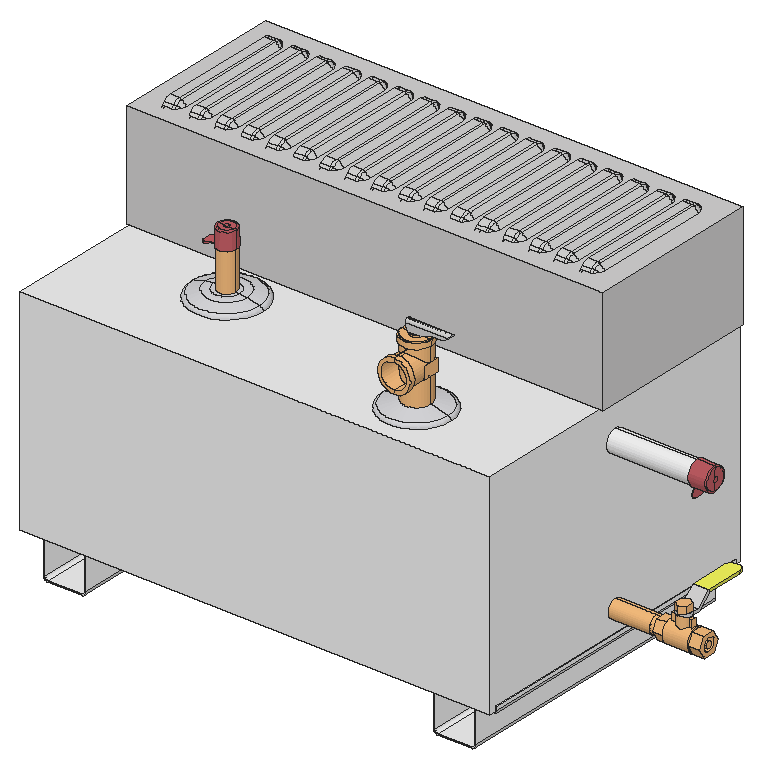
Revit family "Shower-Steam_Generator-KOHLER-Invigoration_Series-K-32335", category Plumbing Fixtures, host Face, Revit 2021 (continued)
Definition of nested family "K-32335"
  Lines and regions (in)
    Masking region 2
      outline origin (0, 0, 0) x (1, 0, 0) y (0, 0, 1)
        loop
          line (-8.96806, 4.8215) -> (-8.84613, 4.94343) -> (-8.84613, 5.37969) -> (-9.04298, 5.37969) -> (-9.04298, 5.68322)
          arc (-9.04298, 5.68322) -> (-9.02345, 5.78138) -> (-8.96785, 5.8646) r 0.25651
          line (-8.96785, 5.8646) -> (-8.84591, 5.98653) -> (-8.84591, 6.42279) -> (-9.04276, 6.42279) -> (-9.04276, 6.72632)
          arc (-9.04276, 6.72632) -> (-9.02324, 6.82448) -> (-8.96764, 6.90769) r 0.25651
          line (-8.96764, 6.90769) -> (-8.8457, 7.02963) -> (-8.8457, 7.46589) -> (-9.04255, 7.46589) -> (-9.04255, 7.76941)
          arc (-9.04255, 7.76941) -> (-9.02303, 7.86758) -> (-8.96742, 7.95079) r 0.25651
          line (-8.96742, 7.95079) -> (-8.84549, 8.07273) -> (-8.84549, 8.46199)
          arc (-8.84549, 8.46199) -> (-8.85054, 8.49091) -> (-8.85927, 8.51894) r 0.22767
          line (-8.85927, 8.51894) -> (-8.89475, 8.61134)
          arc (-8.89475, 8.61134) -> (-8.90291, 8.64358) -> (-8.90566, 8.67672) r 0.20122
          line (-8.90566, 8.67672) -> (-8.90566, 9.03915) -> (-8.90566, 9.33683) -> (-8.86622, 9.33683) -> (-8.86622, 9.48819)
          arc (-8.86622, 9.48819) -> (-8.84316, 9.54387) -> (-8.78748, 9.56693) r 0.07874
          arc (-8.78748, 9.56693) -> (-8.84316, 9.58999) -> (-8.86622, 9.64567) r 0.07874
          line (-8.86622, 9.64567) -> (-8.86622, 12.79703) -> (-8.90551, 12.79703) -> (-8.90551, 12.69562) -> (-8.9685, 12.69562) -> (-8.9685, 12.79013) -> (-9.22256, 12.79013) -> (-9.22256, 12.94788) -> (-8.9685, 12.94788) -> (-8.9685, 13.47515)
          arc (-8.9685, 13.47515) -> (-8.95005, 13.51969) -> (-8.90551, 13.53937) r 0.06299
          line (-8.90551, 13.53937) -> (-8.1811, 13.53937) -> (-8.1811, 13.73509) -> (-7.83239, 13.73509)
          arc (-7.83239, 13.73509) -> (-7.78719, 13.7261) -> (-7.74887, 13.7005) r 0.11811
          line (-7.74887, 13.7005) -> (-7.58775, 13.53937) -> (-7.19291, 13.53937) -> (-7.19291, 13.73509) -> (-6.8442, 13.73509)
          arc (-6.8442, 13.73509) -> (-6.799, 13.7261) -> (-6.76068, 13.7005) r 0.11811
          line (-6.76068, 13.7005) -> (-6.59956, 13.53937) -> (-6.21088, 13.53937) -> (-6.21088, 13.73509) -> (-5.86216, 13.73509)
          arc (-5.86216, 13.73509) -> (-5.81697, 13.7261) -> (-5.77865, 13.7005) r 0.11811
          line (-5.77865, 13.7005) -> (-5.61752, 13.53937) -> (-5.22576, 13.53937) -> (-5.22576, 13.73509) -> (-4.87705, 13.73509)
          arc (-4.87705, 13.73509) -> (-4.83185, 13.7261) -> (-4.79353, 13.7005) r 0.11811
          line (-4.79353, 13.7005) -> (-4.63241, 13.53937) -> (-4.24373, 13.53937) -> (-4.24373, 13.73509) -> (-3.89501, 13.73509)
          arc (-3.89501, 13.73509) -> (-3.84981, 13.7261) -> (-3.8115, 13.7005) r 0.11811
          line (-3.8115, 13.7005) -> (-3.65037, 13.53937) -> (-3.25554, 13.53937) -> (-3.25554, 13.73509) -> (-2.90682, 13.73509)
          arc (-2.90682, 13.73509) -> (-2.86163, 13.7261) -> (-2.82331, 13.7005) r 0.11811
          line (-2.82331, 13.7005) -> (-2.66218, 13.53937) -> (-2.27196, 13.53937) -> (-2.27196, 13.73509) -> (-1.92325, 13.73509)
          arc (-1.92325, 13.73509) -> (-1.87805, 13.7261) -> (-1.83973, 13.7005) r 0.11811
          line (-1.83973, 13.7005) -> (-1.6786, 13.53937) -> (-1.2849, 13.53937) -> (-1.2849, 13.73509) -> (-0.93619, 13.73509)
          arc (-0.93619, 13.73509) -> (-0.89099, 13.7261) -> (-0.85268, 13.7005) r 0.11811
          line (-0.85268, 13.7005) -> (-0.69155, 13.53937) -> (-0.30527, 13.53937) -> (-0.30527, 13.73509) -> (0.04345, 13.73509)
          arc (0.04345, 13.73509) -> (0.08864, 13.7261) -> (0.12696, 13.7005) r 0.11811
          line (0.12696, 13.7005) -> (0.28809, 13.53937) -> (0.68102, 13.53937) -> (0.68102, 13.73509) -> (1.02973, 13.73509)
          arc (1.02973, 13.73509) -> (1.07493, 13.7261) -> (1.11325, 13.7005) r 0.11811
          line (1.11325, 13.7005) -> (1.27438, 13.53937) -> (1.665, 13.53937) -> (1.665, 13.73509) -> (2.01372, 13.73509)
          arc (2.01372, 13.73509) -> (2.05891, 13.7261) -> (2.09723, 13.7005) r 0.11811
          line (2.09723, 13.7005) -> (2.25836, 13.53937) -> (2.64975, 13.53937) -> (2.64975, 13.73509) -> (2.99847, 13.73509)
          arc (2.99847, 13.73509) -> (3.04366, 13.7261) -> (3.08198, 13.7005) r 0.11811
          line (3.08198, 13.7005) -> (3.24311, 13.53937) -> (3.63374, 13.53937) -> (3.63374, 13.73509) -> (3.98245, 13.73509)
          arc (3.98245, 13.73509) -> (4.02765, 13.7261) -> (4.06596, 13.7005) r 0.11811
          line (4.06596, 13.7005) -> (4.22709, 13.53937) -> (4.61849, 13.53937) -> (4.61849, 13.73509) -> (4.9672, 13.73509)
          arc (4.9672, 13.73509) -> (5.0124, 13.7261) -> (5.05071, 13.7005) r 0.11811
          line (5.05071, 13.7005) -> (5.21184, 13.53937) -> (5.60324, 13.53937) -> (5.60324, 13.73509) -> (5.95195, 13.73509)
          arc (5.95195, 13.73509) -> (5.99715, 13.7261) -> (6.03546, 13.7005) r 0.11811
          line (6.03546, 13.7005) -> (6.19659, 13.53937) -> (6.58568, 13.53937) -> (6.58568, 13.73509) -> (6.93439, 13.73509)
          arc (6.93439, 13.73509) -> (6.97959, 13.7261) -> (7.01791, 13.7005) r 0.11811
          line (7.01791, 13.7005) -> (7.17904, 13.53937) -> (7.5712, 13.53937) -> (7.5712, 13.73509) -> (7.91991, 13.73509)
          arc (7.91991, 13.73509) -> (7.96511, 13.7261) -> (8.00343, 13.7005) r 0.11811
          line (8.00343, 13.7005) -> (8.16455, 13.53937) -> (8.90551, 13.53937)
          arc (8.90551, 13.53937) -> (8.95005, 13.52092) -> (8.9685, 13.47638) r 0.06299
          line (8.9685, 13.47638) -> (8.9685, 12.69562) -> (8.86614, 12.69562) -> (8.86614, 9.64567)
          arc (8.86614, 9.64567) -> (8.84308, 9.58999) -> (8.7874, 9.56693) r 0.07874
          arc (8.7874, 9.56693) -> (8.84308, 9.54387) -> (8.86614, 9.48819) r 0.07874
          line (8.86614, 9.48819) -> (8.86614, 9.33662) -> (8.90551, 9.33662) -> (8.90551, 8.63656) -> (11.91339, 8.63656) -> (11.9685, 8.63469) -> (11.9685, 8.67413) -> (12.59586, 8.65222)
          arc (12.59586, 8.65222) -> (12.62281, 8.64022) -> (12.63386, 8.61287) r 0.03937
          line (12.63386, 8.61287) -> (12.63386, 8.22441) -> (12.63386, 7.83595)
          arc (12.63386, 7.83595) -> (12.62281, 7.8086) -> (12.59586, 7.7966) r 0.03937
          line (12.59586, 7.7966) -> (12.00244, 7.77588) -> (12.00244, 7.4267) -> (11.9685, 7.4267) -> (11.9685, 7.77469) -> (11.9685, 7.81412) -> (11.91339, 7.81225) -> (8.86614, 7.81225) -> (8.86614, 2.89247) -> (10.43701, 2.89247) -> (10.61381, 2.88699) -> (10.61381, 2.9401) -> (10.98905, 2.9401) -> (10.98905, 2.98291) -> (11.08211, 2.98204) -> (11.08211, 3.25783) -> (11.20932, 3.25783) -> (11.20932, 3.30684) -> (11.15807, 3.30684) -> (11.15807, 3.40685) -> (11.15807, 3.8346) -> (11.75843, 3.8346) -> (11.75843, 3.40685) -> (11.75843, 3.30684) -> (11.70719, 3.30684) -> (11.70719, 3.25783) -> (11.8344, 3.25783) -> (11.8344, 2.98204) -> (11.92745, 2.98291) -> (11.92745, 2.9401) -> (12.39272, 2.9401) -> (12.39272, 2.55906) -> (12.39272, 2.17801) -> (11.92745, 2.17801) -> (11.92745, 2.13128) -> (10.98905, 2.13128) -> (10.98905, 2.176) -> (10.61353, 2.176) -> (10.61353, 2.22922) -> (10.43701, 2.22318) -> (8.86614, 2.22318) -> (8.86614, 1.54208)
          arc (8.86614, 1.54208) -> (8.87773, 1.55597) -> (8.88189, 1.57357) r 0.03937
          line (8.88189, 1.57357) -> (8.88189, 1.73105) -> (8.92126, 1.73105) -> (8.92126, 1.57357)
          arc (8.92126, 1.57357) -> (8.8982, 1.5179) -> (8.84252, 1.49483) r 0.07874
          line (8.84252, 1.49483) -> (8.24803, 1.49483)
          arc (8.24803, 1.49483) -> (8.16451, 1.46024) -> (8.12992, 1.37672) r 0.11811
          line (8.12992, 1.37672) -> (8.12992, 0.15748)
          arc (8.12992, 0.15748) -> (8.0838, 0.04612) -> (7.97244, 0) r 0.15748
          line (7.97244, 0) -> (6.70472, 0)
          arc (6.70472, 0) -> (6.59337, 0.04612) -> (6.54724, 0.15748) r 0.15748
          line (6.54724, 0.15748) -> (6.54724, 1.37672)
          arc (6.54724, 1.37672) -> (6.51265, 1.46024) -> (6.42913, 1.49483) r 0.11811
          line (6.42913, 1.49483) -> (6.0748, 1.49483) -> (6.0748, 1.5342) -> (-6.0748, 1.5342) -> (-6.0748, 1.49483) -> (-6.42913, 1.49483)
          arc (-6.42913, 1.49483) -> (-6.51265, 1.46024) -> (-6.54724, 1.37672) r 0.11811
          line (-6.54724, 1.37672) -> (-6.54724, 0.15748)
          arc (-6.54724, 0.15748) -> (-6.59337, 0.04612) -> (-6.70472, 0) r 0.15748
          line (-6.70472, 0) -> (-7.97244, 0)
          arc (-7.97244, 0) -> (-8.0838, 0.04612) -> (-8.12992, 0.15748) r 0.15748
          line (-8.12992, 0.15748) -> (-8.12992, 1.37672)
          arc (-8.12992, 1.37672) -> (-8.16451, 1.46024) -> (-8.24803, 1.49483) r 0.11811
          line (-8.24803, 1.49483) -> (-8.84252, 1.49483)
          arc (-8.84252, 1.49483) -> (-8.8982, 1.5179) -> (-8.92126, 1.57357) r 0.07874
          line (-8.92126, 1.57357) -> (-8.92126, 1.73105) -> (-8.88189, 1.73105) -> (-8.88189, 1.57357)
          arc (-8.88189, 1.57357) -> (-8.87036, 1.54573) -> (-8.84252, 1.5342) r 0.03937
        loop
          line (8.24803, 1.5342) -> (6.42913, 1.5342)
          arc (6.42913, 1.5342) -> (6.54049, 1.48808) -> (6.58661, 1.37672) r 0.15748
          line (6.58661, 1.37672) -> (6.58661, 0.15625)
          arc (6.58661, 0.15625) -> (6.62121, 0.07273) -> (6.70472, 0.03814) r 0.11811
          line (6.70472, 0.03814) -> (7.97244, 0.03814)
          arc (7.97244, 0.03814) -> (8.05596, 0.07273) -> (8.09055, 0.15625) r 0.11811
          line (8.09055, 0.15625) -> (8.09055, 1.37672)
          arc (8.09055, 1.37672) -> (8.13668, 1.48808) -> (8.24803, 1.5342) r 0.15748
        loop
          arc (-8.24803, 1.5342) -> (-8.13668, 1.48808) -> (-8.09055, 1.37672) r 0.15748
          line (-8.09055, 1.37672) -> (-8.09055, 0.15625)
          arc (-8.09055, 0.15625) -> (-8.05596, 0.07273) -> (-7.97244, 0.03814) r 0.11811
          line (-7.97244, 0.03814) -> (-6.70472, 0.03814)
          arc (-6.70472, 0.03814) -> (-6.62121, 0.07273) -> (-6.58661, 0.15625) r 0.11811
          line (-6.58661, 0.15625) -> (-6.58661, 1.37672)
          arc (-6.58661, 1.37672) -> (-6.54049, 1.48808) -> (-6.42913, 1.5342) r 0.15748
          line (-6.42913, 1.5342) -> (-8.24803, 1.5342)
    Masking region 3
      outline origin (0, 0, 0) x (1, 0, 0) y (0, 1, 0)
        loop
          line (-8.9685, 5.86811) -> (-8.9685, 5.75009) -> (-9.22301, 5.75009) -> (-9.22301, 5.59248) -> (-8.9685, 5.59248) -> (-8.9685, 5.11323)
          arc (-8.9685, 5.11323) -> (-9.02383, 5.03327) -> (-9.04331, 4.93801) r 0.2426
          line (-9.04331, 4.93801) -> (-9.04331, 3.13637)
          arc (-9.04331, 3.13637) -> (-9.02379, 3.04283) -> (-8.9685, 2.9649) r 0.23393
          line (-8.9685, 2.9649) -> (-8.9685, -0.70669) -> (-8.92126, -0.70669) -> (-8.92126, -2.93435) -> (-8.97074, -2.98383)
          arc (-8.97074, -2.98383) -> (-9.02445, -3.06421) -> (-9.04331, -3.15903) r 0.24776
          line (-9.04331, -3.15903) -> (-9.04331, -4.95923)
          arc (-9.04331, -4.95923) -> (-9.02533, -5.04963) -> (-8.97412, -5.12626) r 0.23622
          line (-8.97412, -5.12626) -> (-8.92126, -5.17912) -> (-8.92126, -5.63974) -> (-8.86618, -5.63974) -> (-8.86618, -5.86811) -> (8.92126, -5.86811) -> (8.92126, -0.70667) -> (8.9685, -0.70667) -> (8.9685, -0.42325) -> (10.61417, -0.42325) -> (10.61417, -0.45402) -> (10.98889, -0.45402) -> (10.98889, -0.42325) -> (11.96844, -0.42325) -> (11.96844, -0.45992) -> (12.59586, -0.43801)
          arc (12.59586, -0.43801) -> (12.62281, -0.42601) -> (12.63386, -0.39866) r 0.03937
          line (12.63386, -0.39866) -> (12.63386, -0.00984) -> (12.63386, 0.37898)
          arc (12.63386, 0.37898) -> (12.62281, 0.40633) -> (12.59586, 0.41832) r 0.03937
          line (12.59586, 0.41832) -> (11.96844, 0.44023) -> (11.96844, 0.40357) -> (11.758, 0.40357) -> (11.758, 2.23515)
          arc (11.758, 2.23515) -> (11.45813, 2.53502) -> (11.15826, 2.23515) r 0.29987
          line (11.15826, 2.23515) -> (11.15826, 0.40357) -> (10.98889, 0.40357) -> (10.98889, 0.43433) -> (10.61417, 0.43433) -> (10.61417, 0.40357) -> (8.9685, 0.40357) -> (8.9685, 5.86811) -> (-8.9685, 5.86811)
    symbolic lines, detail levels medium+fine
      curve 1: line (0, -3.92137, 12.11615) -> (0, -3.95316, 12.11615)
      curve 2: line (0, -3.92137, 12.11615) -> (0, -3.92137, 12.38217)
      curve 3: line (0, -4.09019, 12.11615) -> (0, -4.09019, 12.38217)
      curve 4: line (0, -3.95316, 12.11615) -> (0, -4.0584, 12.11615)
      curve 5: line (0, -3.95316, 12.11615) -> (0, -3.95316, 12.23592)
      curve 6: line (0, -4.0584, 12.11615) -> (0, -4.0584, 12.23592)
      curve 7: line (0, -4.0584, 12.11615) -> (0, -4.09019, 12.11615)
      curve 8: arc (0, -3.93239, 12.33255) -> (0, -4.00578, 12.38027) -> (0, -4.07918, 12.33255) r 0.0803
      curve 9: arc (0, -4.0584, 12.23592) -> (0, -4.04859, 12.28858) -> (0, -4.07918, 12.33255) r 0.06945
      curve 10: arc (0, -3.95316, 12.23592) -> (0, -3.96297, 12.28857) -> (0, -3.93239, 12.33255) r 0.06945
      curve 11: line (0, 5.62992, 1.53543) -> (0, -5.63976, 1.53543)
      curve 12: line (0, 5.62992, 1.49483) -> (0, -5.63976, 1.49483)
      curve 13: arc (0, 5.76971, 12.86885) -> (0, 5.67128, 12.77042) -> (0, 5.57286, 12.86885) r 0.09843
      curve 14: arc (0, 5.57286, 12.86885) -> (0, 5.67128, 12.96727) -> (0, 5.76971, 12.86885) r 0.09843
      curve 15: arc (0, 5.75002, 12.86885) -> (0, 5.67128, 12.94759) -> (0, 5.59254, 12.86885) r 0.07874
      curve 16: arc (0, 5.59254, 12.86885) -> (0, 5.67128, 12.79011) -> (0, 5.75002, 12.86885) r 0.07874
      curve 17: line (0, -5.26279, 9.56693) -> (0, -1.04434, 9.56693)
      curve 18: arc (0, -2.85366, 9.70264) -> (0, -3.00272, 9.74952) -> (0, -3.1535, 9.79048) r 3.96332
      curve 19: arc (0, -2.74899, 9.56693) -> (0, -2.78073, 9.65067) -> (0, -2.85366, 9.70264) r 0.15416
      curve 20: line (0, -4.53708, 9.85827) -> (0, -3.47464, 9.85768)
      curve 21: line (0, -5.16334, 9.69925) -> (0, -2.85366, 9.70264)
      curve 22: line (0, -2.67757, 9.86102) -> (0, -2.00784, 9.86102)
      curve 23: line (0, -1.11089, 9.68361) -> (0, -2.85366, 9.70264)
      curve 24: line (0, -3.69162, 11.29819) -> (0, -4.32094, 11.29819)
      curve 25: line (0, -4.32094, 11.29819) -> (0, -4.32094, 10.84562)
      curve 26: line (0, -4.32094, 10.84562) -> (0, -3.69162, 10.84562)
      curve 27: line (0, -3.69162, 10.84562) -> (0, -3.69162, 11.29819)
      curve 28: arc (0, -4.53708, 11.67202) -> (0, -4.36978, 11.52003) -> (0, -4.19106, 11.38167) r 2.87177
      curve 29: arc (0, -4.19106, 11.38167) -> (0, -4.10275, 11.33089) -> (0, -4.00628, 11.29819) r 0.52302
      curve 30: arc (0, -4.53708, 10.5327) -> (0, -4.41963, 10.63853) -> (0, -4.299, 10.74071) r 5.1795
      curve 31: arc (0, -4.299, 10.74071) -> (0, -4.2257, 10.79617) -> (0, -4.14821, 10.84562) r 1.15289
      curve 32: line (0, -4.87186, 11.67202) -> (0, -4.87186, 10.5327)
      curve 33: line (0, -4.53708, 11.84909) -> (0, -3.47464, 11.84909)
      curve 34: line (0, -4.53743, 12.04594) -> (0, -3.47428, 12.04594)
      curve 35: line (0, -4.24209, 12.0854) -> (0, -3.76962, 12.0854)
      curve 36: line (0, -4.12396, 12.11615) -> (0, -4.09019, 12.11615)
      curve 37: line (0, -3.92137, 12.11615) -> (0, -3.88776, 12.11615)
      curve 38: arc (0, -4.09019, 12.38217) -> (0, -4.00578, 12.46658) -> (0, -3.92137, 12.38217) r 0.08441
      curve 39: line (0, -2.67757, 11.31999) -> (0, -2.00784, 11.31999)
      curve 40: line (0, -2.6932, 11.94186) -> (0, -1.99221, 11.94186)
      curve 41: line (0, -0.27308, 3.65714) -> (0, 0.25261, 3.65714)
      curve 42: line (0, 0.25261, 3.65714) -> (0, 0.25261, 3.40693)
      curve 43: line (0, 0.25261, 3.40693) -> (0, 0.30593, 3.40693)
      curve 44: line (0, 0.30593, 3.40693) -> (0, 0.80959, 3.83434)
      curve 45: line (0, 0.80959, 3.83434) -> (0, 2.53801, 3.83434)
      curve 46: line (0, 2.53801, 3.83434) -> (0, 2.53801, 3.73467)
      curve 47: line (0, 2.53801, 3.73467) -> (0, 0.84662, 3.73467)
      curve 48: line (0, 0.84662, 3.73467) -> (0, 0.34247, 3.30685)
      curve 49: line (0, 0.23874, 3.30685) -> (0, 0.34247, 3.30685)
      curve 50: line (0, 0.23874, 3.30685) -> (0, 0.23874, 2.899)
      curve 51: arc (0, 0.17718, 2.93638) -> (0, -0.00984, 2.98019) -> (0, -0.19686, 2.93638) r 0.42113
      curve 52: line (0, -0.22769, 2.93638) -> (0, -0.24311, 2.90969)
      curve 53: line (0, -0.44554, 2.55906) -> (0, -0.43013, 2.53236)
      curve 54: line (0, -0.22769, 2.18173) -> (0, -0.19686, 2.18173)
      curve 55: line (0, 0.20801, 2.18173) -> (0, 0.22342, 2.20843)
      curve 56: line (0, 0.42586, 2.55906) -> (0, 0.41044, 2.58575)
      curve 57: line (0, 0.20801, 2.93638) -> (0, 0.17718, 2.93638)
      curve 58: line (0, 0.17718, 2.93638) -> (0, -0.19686, 2.93638)
      curve 59: line (0, 0.22342, 2.90969) -> (0, 0.20801, 2.93638)
      curve 60: line (0, 0.41044, 2.58575) -> (0, 0.22342, 2.90969)
      curve 61: arc (0, 0.41044, 2.58575) -> (0, 0.35487, 2.76962) -> (0, 0.22342, 2.90969) r 0.42113
      curve 62: line (0, 0.41044, 2.53236) -> (0, 0.42586, 2.55906)
      curve 63: line (0, 0.22342, 2.20843) -> (0, 0.41044, 2.53236)
      curve 64: arc (0, 0.22342, 2.20843) -> (0, 0.31935, 2.29641) -> (0, 0.38384, 2.40948) r 0.42113
      curve 65: line (0, 0.17718, 2.18173) -> (0, 0.20801, 2.18173)
      curve 66: line (0, -0.19686, 2.18173) -> (0, 0.17718, 2.18173)
      curve 67: arc (0, -0.19686, 2.18173) -> (0, -0.00984, 2.13792) -> (0, 0.17718, 2.18173) r 0.42113
      curve 68: line (0, -0.24311, 2.20843) -> (0, -0.22769, 2.18173)
      curve 69: line (0, -0.43013, 2.53236) -> (0, -0.24311, 2.20843)
      curve 70: arc (0, -0.43013, 2.53236) -> (0, -0.42144, 2.46992) -> (0, -0.40352, 2.40948) r 0.42113
      curve 71: line (0, -0.43013, 2.58575) -> (0, -0.44554, 2.55906)
      curve 72: line (0, -0.24311, 2.90969) -> (0, -0.43013, 2.58575)
      curve 73: arc (0, -0.24311, 2.90969) -> (0, -0.37456, 2.76962) -> (0, -0.43013, 2.58575) r 0.42113
      curve 74: line (0, -0.19686, 2.93638) -> (0, -0.22769, 2.93638)
      curve 75: circle (0, -0.00984, 2.55906) r 0.29715 normal (1, 0, 0)
      curve 76: circle (0, -0.00984, 2.55906) r 0.25074 normal (1, 0, 0)
      curve 77: line (0, -0.40352, 1.73105) -> (0, -0.40352, 2.40948)
      curve 78: arc (0, -0.40352, 2.40948) -> (0, -0.33904, 2.29641) -> (0, -0.24311, 2.20843) r 0.42113
      curve 79: line (0, 0.38384, 1.73105) -> (0, 0.38384, 2.40948)
      curve 80: arc (0, 0.38384, 2.40948) -> (0, 0.40175, 2.46992) -> (0, 0.41044, 2.53236) r 0.42113
      curve 81: line (0, -5.63976, 1.73105) -> (0, -5.63976, 1.53543)
      curve 82: line (0, -5.63976, 1.73105) -> (0, 5.62992, 1.73105)
      curve 83: line (0, 5.62992, 1.73105) -> (0, 5.62992, 1.53543)
      curve 84: circle (0, 2.57772, 10.82159) r 0.86614 normal (1, 0, 0)
      curve 85: line (0, -0.50195, 9.33662) -> (0, -5.86811, 9.33662)
      curve 86: line (0, -0.50195, 9.33662) -> (0, -0.50195, 7.99498)
      curve 87: arc (0, 0.48231, 7.99498) -> (0, 0.41647, 7.74908) -> (0, 0.23657, 7.56898) r 0.49213
      curve 88: line (0, 0.48231, 7.99498) -> (0, 0.48231, 9.33662)
      curve 89: line (0, 5.86811, 9.33662) -> (0, 0.48231, 9.33662)
      curve 90: circle (0, -0.00984, 8.22441) r 0.44757 normal (1, 0, 0)
      curve 91: circle (0, -0.00984, 8.22441) r 0.38747 normal (1, 0, 0)
      curve 92: arc (0, -0.25651, 7.56915) -> (0, -0.43619, 7.74923) -> (0, -0.50195, 7.99498) r 0.49213
      curve 93: line (0, -0.00984, 7.42676) -> (0, -0.11094, 7.42676)
      curve 94: line (0, -0.00984, 7.42676) -> (0, 0.09126, 7.42676)
      curve 95: arc (0, -0.11094, 7.42676) -> (0, -0.21276, 7.46828) -> (0, -0.25651, 7.56915) r 0.14561
      curve 96: arc (0, 0.09126, 7.42676) -> (0, 0.19292, 7.46823) -> (0, 0.23657, 7.56898) r 0.14535
      curve 97: line (0, -0.16101, 7.80315) -> (0, -0.16101, 7.72243)
      curve 98: arc (0, -0.25651, 7.56915) -> (0, -0.25203, 7.62152) -> (0, -0.22808, 7.6683) r 0.13645
      curve 99: arc (0, -0.22808, 7.6683) -> (0, -0.1976, 7.69915) -> (0, -0.16101, 7.72243) r 0.19323
      curve 100: arc (0, 0.23683, 7.56915) -> (0, 0.23234, 7.62152) -> (0, 0.20839, 7.6683) r 0.13645
      curve 101: arc (0, 0.20839, 7.6683) -> (0, 0.17792, 7.69915) -> (0, 0.14133, 7.72243) r 0.19323
      curve 102: line (0, -0.16432, 7.64845) -> (0, 0.14383, 7.64845)
      curve 103: line (0, 0.14383, 7.60112) -> (0, -0.16432, 7.60112)
      curve 104: arc (0, -0.16432, 7.60112) -> (0, -0.18798, 7.62479) -> (0, -0.16432, 7.64845) r 0.02366
      curve 105: arc (0, 0.14383, 7.64845) -> (0, 0.16749, 7.62479) -> (0, 0.14383, 7.60112) r 0.02366
      curve 106: line (0, -0.16432, 7.55776) -> (0, 0.14383, 7.55776)
      curve 107: line (0, 0.14383, 7.51044) -> (0, -0.16432, 7.51044)
      curve 108: arc (0, -0.16432, 7.51044) -> (0, -0.18798, 7.5341) -> (0, -0.16432, 7.55776) r 0.02366
      curve 109: arc (0, 0.14383, 7.55776) -> (0, 0.16749, 7.5341) -> (0, 0.14383, 7.51044) r 0.02366
      curve 110: arc (0, 5.43309, 9.05389) -> (0, 5.50199, 9.12279) -> (0, 5.57089, 9.05389) r 0.0689
      curve 111: arc (0, 5.57089, 9.05389) -> (0, 5.50199, 8.98499) -> (0, 5.43309, 9.05389) r 0.0689
      curve 112: arc (0, 5.60042, 9.05389) -> (0, 5.50199, 9.15231) -> (0, 5.40357, 9.05389) r 0.09843
      curve 113: arc (0, 5.40357, 9.05389) -> (0, 5.50199, 8.95546) -> (0, 5.60042, 9.05389) r 0.09843
      curve 114: arc (0, -5.42321, 9.05389) -> (0, -5.52163, 9.15231) -> (0, -5.62006, 9.05389) r 0.09843
      curve 115: arc (0, -5.62006, 9.05389) -> (0, -5.52163, 8.95546) -> (0, -5.42321, 9.05389) r 0.09843
      curve 116: arc (0, -5.59053, 9.05389) -> (0, -5.52163, 8.98499) -> (0, -5.45273, 9.05389) r 0.0689
      curve 117: arc (0, -5.45273, 9.05389) -> (0, -5.52163, 9.12279) -> (0, -5.59053, 9.05389) r 0.0689
      curve 118: line (0, -0.27308, 3.65714) -> (0, -0.27308, 3.40693)
      curve 119: line (0, -0.2592, 3.30685) -> (0, -0.2592, 2.89843)
      curve 120: line (0, -0.27308, 3.40693) -> (0, -0.22793, 3.40693)
      curve 121: line (0, -0.22793, 3.40693) -> (0, -0.22793, 3.30685)
      curve 122: line (0, -0.2592, 3.30685) -> (0, -0.22793, 3.30685)
      curve 123: line (0, -0.22793, 3.40693) -> (0, 0.25261, 3.40693)
      curve 124: line (0, -0.22793, 3.30685) -> (0, 0.23874, 3.30685)
      curve 125: line (0, 2.23618, 3.83434) -> (0, 2.23618, 3.73467)
      curve 126: line (0, -0.59307, 9.56693) -> (0, 5.86811, 9.56693)
      curve 127: line (0, -0.64368, 9.62869) -> (0, 5.86811, 9.62869)
      curve 128: line (11.9685, 0, 7.77469) -> (12.00244, 0, 7.77588)
      curve 129: line (11.9685, 0, 8.63469) -> (11.9685, 0, 7.81412)
      curve 130: line (11.15807, 0, 3.40685) -> (11.22757, 0, 3.40685)
      curve 131: line (11.75843, 0, 3.40685) -> (11.6886, 0, 3.40685)
      curve 132: line (11.22757, 0, 3.65737) -> (11.6886, 0, 3.65737)
      curve 133: line (11.22757, 0, 3.40685) -> (11.22757, 0, 3.65737)
      curve 134: line (11.6886, 0, 3.40685) -> (11.22757, 0, 3.40685)
      curve 135: line (11.6886, 0, 3.65737) -> (11.6886, 0, 3.40685)
      curve 136: line (11.46365, 0, 3.65737) -> (11.46365, 0, 3.40685)
      curve 137: line (11.20932, 0, 3.30684) -> (11.70719, 0, 3.30684)
      curve 138: line (11.70719, 0, 3.25783) -> (11.67429, 0, 3.25783)
      curve 139: line (11.67429, 0, 3.25783) -> (11.67429, 0, 2.9521)
      curve 140: line (11.20932, 0, 3.25783) -> (11.24222, 0, 3.25783)
      curve 141: line (11.24222, 0, 3.25783) -> (11.24222, 0, 2.96143)
      curve 142: arc (11.24222, 0, 2.96143) -> (11.45687, 0, 2.89256) -> (11.67429, 0, 2.9521) r 0.39565
      curve 143: line (11.24222, 0, 2.96143) -> (11.08211, 0, 2.98204)
      curve 144: line (11.67429, 0, 2.9521) -> (11.8344, 0, 2.98204)
      curve 145: line (6.42913, 0, 1.5342) -> (6.0748, 0, 1.5342)
      curve 146: line (8.24803, 0, 1.5342) -> (8.84646, 0, 1.5342)
      curve 147: line (-6.42913, 0, 1.5342) -> (-6.0748, 0, 1.5342)
      curve 148: line (-8.24803, 0, 1.5342) -> (-8.84676, 0, 1.5342)
      curve 149: line (-8.1811, 0, 13.53937) -> (-7.58775, 0, 13.53937)
      curve 150: line (-7.19291, 0, 13.53937) -> (-6.59956, 0, 13.53937)
      curve 151: line (-6.21088, 0, 13.53937) -> (-5.61752, 0, 13.53937)
      curve 152: line (-5.22576, 0, 13.53937) -> (-4.63241, 0, 13.53937)
      curve 153: line (-4.24373, 0, 13.53937) -> (-3.65037, 0, 13.53937)
      curve 154: line (-3.25554, 0, 13.53937) -> (-2.66218, 0, 13.53937)
      curve 155: line (-2.27196, 0, 13.53937) -> (-1.6786, 0, 13.53937)
      curve 156: line (-1.2849, 0, 13.53937) -> (-0.69155, 0, 13.53937)
      curve 157: line (-0.30527, 0, 13.53937) -> (0.28809, 0, 13.53937)
      curve 158: line (0.68102, 0, 13.53937) -> (1.27438, 0, 13.53937)
      curve 159: line (1.665, 0, 13.53937) -> (2.25836, 0, 13.53937)
      curve 160: line (2.64975, 0, 13.53937) -> (3.24311, 0, 13.53937)
      curve 161: line (3.63374, 0, 13.53937) -> (4.22709, 0, 13.53937)
      curve 162: line (4.61849, 0, 13.53937) -> (5.21184, 0, 13.53937)
      curve 163: line (5.60324, 0, 13.53937) -> (6.19659, 0, 13.53937)
      curve 164: line (6.58568, 0, 13.53937) -> (7.17904, 0, 13.53937)
      curve 165: line (7.5712, 0, 13.53937) -> (8.16455, 0, 13.53937)
      curve 166: arc (-5.17077, 0, 9.6993) -> (-4.8561, 0, 9.79049) -> (-4.53546, 0, 9.8577) r 4.34168
      curve 167: line (-4.24321, 0, 9.86206) -> (-4.45119, 0, 9.86206)
      curve 168: line (-8.9685, 0, 12.94788) -> (-8.9685, 0, 12.79013)
      curve 169: line (-8.90551, 0, 12.79703) -> (-8.90551, 0, 13.47515)
      curve 170: line (8.7874, 0, 13.47515) -> (-8.90551, 0, 13.47515)
      curve 171: line (8.7874, 0, 9.56693) -> (-8.37711, 0, 9.56693)
      curve 172: line (8.90551, 0, 8.63656) -> (8.86614, 0, 8.53069)
      curve 173: line (8.86614, 0, 9.33662) -> (8.86614, 0, 8.66907)
      curve 174: arc (8.85862, 0, 8.6276) -> (8.86425, 0, 8.648) -> (8.86614, 0, 8.66907) r 0.11811
      curve 175: line (8.85862, 0, 8.6276) -> (8.81711, 0, 8.5169)
      curve 176: arc (8.80855, 0, 8.48302) -> (8.81189, 0, 8.5002) -> (8.81711, 0, 8.5169) r 0.15748
      curve 177: line (8.86614, 0, 8.66907) -> (8.7874, 0, 8.66907)
      curve 178: line (8.7874, 0, 9.56693) -> (8.7874, 0, 8.66907)
      curve 179: line (8.7874, 0, 9.56693) -> (8.7874, 0, 13.47515)
      curve 180: arc (3.39933, 0, 9.70265) -> (3.70837, 0, 9.79387) -> (4.02405, 0, 9.85852) r 3.79209
      curve 181: arc (4.02405, 0, 9.85852) -> (4.03943, 0, 9.86037) -> (4.05491, 0, 9.86098) r 0.19356
      curve 182: line (4.05491, 0, 9.86098) -> (4.05491, 0, 10.80096)
      curve 183: arc (4.05491, 0, 10.80096) -> (4.04103, 0, 10.82211) -> (4.02965, 0, 10.84471) r 0.22212
      curve 184: arc (4.02965, 0, 10.84471) -> (3.98858, 0, 10.9708) -> (3.972, 0, 11.10236) r 0.70082
      curve 185: arc (3.972, 0, 11.10236) -> (3.99001, 0, 11.25524) -> (4.05182, 0, 11.39622) r 0.5222
      curve 186: line (4.05182, 0, 11.39622) -> (4.05495, 0, 11.84899)
      curve 187: line (4.05495, 0, 11.84899) -> (4.01148, 0, 11.84899)
      curve 188: line (4.01148, 0, 11.84899) -> (4.01148, 0, 12.04585)
      curve 189: line (4.01148, 0, 12.04585) -> (4.05501, 0, 12.04585)
      curve 190: line (4.05501, 0, 12.04585) -> (4.05501, 0, 12.08544)
      curve 191: line (4.05501, 0, 12.08544) -> (4.34625, 0, 12.08544)
      curve 192: line (4.34625, 0, 12.08544) -> (4.34625, 0, 12.11619)
      curve 193: line (4.26758, 0, 12.49885) -> (4.29264, 0, 12.24879)
      curve 194: arc (4.29264, 0, 12.24879) -> (4.30995, 0, 12.17865) -> (4.34625, 0, 12.11619) r 0.25492
      curve 195: line (5.11349, 0, 9.86098) -> (5.11349, 0, 10.80096)
      curve 196: arc (5.11349, 0, 10.80096) -> (5.12737, 0, 10.82211) -> (5.13875, 0, 10.84471) r 0.22212
      curve 197: arc (5.13875, 0, 10.84471) -> (5.17982, 0, 10.9708) -> (5.1964, 0, 11.10236) r 0.70082
      curve 198: arc (5.1964, 0, 11.10236) -> (5.17839, 0, 11.25524) -> (5.11658, 0, 11.39622) r 0.5222
      curve 199: line (5.11658, 0, 11.39622) -> (5.11345, 0, 11.84899)
      curve 200: line (5.11345, 0, 11.84899) -> (5.15692, 0, 11.84899)
      curve 201: line (5.15692, 0, 11.84899) -> (5.15692, 0, 12.04585)
      curve 202: line (5.15692, 0, 12.04585) -> (5.11339, 0, 12.04585)
      curve 203: line (5.11339, 0, 12.04585) -> (5.11339, 0, 12.08544)
      curve 204: line (5.11339, 0, 12.08544) -> (4.8506, 0, 12.08544)
      curve 205: line (4.8506, 0, 12.08544) -> (4.8506, 0, 12.11619)
      curve 206: arc (4.8506, 0, 12.11619) -> (5.00044, 0, 12.17857) -> (5.15692, 0, 12.22167) r 1.29184
      curve 207: arc (5.15692, 0, 12.22167) -> (5.34784, 0, 12.25166) -> (5.54081, 0, 12.26241) r 1.93032
      curve 208: arc (5.54081, 0, 12.26241) -> (5.71076, 0, 12.29322) -> (5.86005, 0, 12.38009) r 0.49939
      curve 209: arc (5.86005, 0, 12.38009) -> (5.90913, 0, 12.43402) -> (5.9425, 0, 12.49885) r 0.27795
      curve 210: line (4.26758, 0, 12.49885) -> (5.9425, 0, 12.49885)
      curve 211: line (5.86005, 0, 12.38009) -> (4.27948, 0, 12.38009)
      curve 212: circle (4.58235, 0, 12.28254) r 0.04971 normal (0, -1, 0)
      curve 213: arc (4.11094, 0, 11.30424) -> (4.07079, 0, 11.10236) -> (4.11094, 0, 10.90049) r 0.52764
      curve 214: line (4.05491, 0, 9.86098) -> (5.11349, 0, 9.86098)
      curve 215: arc (5.11349, 0, 9.86098) -> (5.42779, 0, 9.78892) -> (5.73251, 0, 9.68348) r 2.99461
      curve 216: arc (5.73251, 0, 9.68348) -> (5.75977, 0, 9.66788) -> (5.78197, 0, 9.64567) r 0.11852
      curve 217: arc (3.29004, 0, 9.56693) -> (3.32505, 0, 9.6506) -> (3.39933, 0, 9.70265) r 0.16314
      curve 218: line (3.39933, 0, 9.70265) -> (5.73251, 0, 9.68348)
      curve 219: arc (4.05182, 0, 11.39622) -> (4.5842, 0, 11.71727) -> (5.11658, 0, 11.39622) r 0.60193
      curve 220: arc (4.05491, 0, 10.80096) -> (4.5842, 0, 10.48652) -> (5.11349, 0, 10.80096) r 0.6027
      curve 221: line (4.11094, 0, 11.30424) -> (4.11094, 0, 10.90049)
      curve 222: arc (4.11094, 0, 10.90049) -> (4.59843, 0, 10.57473) -> (5.08591, 0, 10.90049) r 0.52764
      curve 223: line (5.08591, 0, 11.30424) -> (5.08591, 0, 10.90049)
      curve 224: arc (5.08591, 0, 11.30424) -> (4.59843, 0, 11.63) -> (4.11094, 0, 11.30424) r 0.52764
      curve 225: arc (5.08591, 0, 10.90049) -> (5.12606, 0, 11.10236) -> (5.08591, 0, 11.30424) r 0.52764
      curve 226: arc (-4.53546, 0, 9.8577) -> (-4.49345, 0, 9.86235) -> (-4.45119, 0, 9.86206) r 0.36109
      curve 227: arc (-5.27694, 0, 9.56693) -> (-5.26799, 0, 9.60546) -> (-5.24964, 0, 9.6405) r 0.15602
      curve 228: line (-4.24321, 0, 9.86206) -> (-4.24321, 0, 11.31952)
      curve 229: line (-4.24321, 0, 11.31952) -> (-4.6619, 0, 11.31952)
      curve 230: line (-4.6619, 0, 11.31952) -> (-4.6619, 0, 11.35025)
      curve 231: line (-4.6619, 0, 11.35025) -> (-4.27772, 0, 11.35025)
      curve 232: line (-4.27772, 0, 11.35025) -> (-4.25687, 0, 11.94739)
      curve 233: line (-4.21753, 0, 11.98538) -> (-3.60664, 0, 11.98538)
      curve 234: arc (-4.25687, 0, 11.94739) -> (-4.24487, 0, 11.97433) -> (-4.21753, 0, 11.98538) r 0.03937
      curve 235: line (-3.58096, 0, 9.86206) -> (-3.58096, 0, 11.31952)
      curve 236: line (-3.54537, 0, 11.31952) -> (-3.56729, 0, 11.94739)
      curve 237: arc (-3.56729, 0, 11.94739) -> (-3.57929, 0, 11.97433) -> (-3.60664, 0, 11.98538) r 0.03937
      curve 238: line (-3.58096, 0, 9.86206) -> (-3.52593, 0, 9.86206)
      curve 239: arc (-3.47369, 0, 9.85716) -> (-3.15409, 0, 9.78884) -> (-2.84055, 0, 9.69662) r 4.33084
      curve 240: arc (-3.52593, 0, 9.86206) -> (-3.4997, 0, 9.86083) -> (-3.47369, 0, 9.85716) r 0.28048
      curve 241: arc (-2.84055, 0, 9.69662) -> (-2.80018, 0, 9.67475) -> (-2.7696, 0, 9.6405) r 0.13357
      curve 242: line (-5.17077, 0, 9.6993) -> (-2.84055, 0, 9.69662)
      curve 243: line (-4.24321, 0, 9.86206) -> (-3.58096, 0, 9.86206)
      curve 244: line (-4.24321, 0, 11.31952) -> (-3.54537, 0, 11.31952)
      curve 245: line (-4.25687, 0, 11.94739) -> (-3.56729, 0, 11.94739)
      curve 246: line (-4.27772, 0, 11.35025) -> (-4.24321, 0, 11.35025)
      curve 247: line (-4.24321, 0, 11.31952) -> (-4.24321, 0, 11.35025)
      curve 248: line (-4.24321, 0, 11.35025) -> (-4.21192, 0, 11.94739)
      curve 249: arc (-4.21192, 0, 11.94739) -> (-4.20452, 0, 11.96981) -> (-4.18676, 0, 11.98538) r 0.04489
      curve 250: arc (8.38583, 0, 2.26255) -> (8.2874, 0, 2.16412) -> (8.18898, 0, 2.26255) r 0.09843
      curve 251: arc (8.18898, 0, 2.26255) -> (8.2874, 0, 2.36097) -> (8.38583, 0, 2.26255) r 0.09843
      curve 252: arc (8.3563, 0, 2.26255) -> (8.2874, 0, 2.19365) -> (8.2185, 0, 2.26255) r 0.0689
      curve 253: arc (8.2185, 0, 2.26255) -> (8.2874, 0, 2.33145) -> (8.3563, 0, 2.26255) r 0.0689
      curve 254: arc (-8.38583, 0, 2.26255) -> (-8.2874, 0, 2.36097) -> (-8.18898, 0, 2.26255) r 0.09843
      curve 255: arc (-8.18898, 0, 2.26255) -> (-8.2874, 0, 2.16412) -> (-8.38583, 0, 2.26255) r 0.09843
      curve 256: arc (-8.3563, 0, 2.26255) -> (-8.2874, 0, 2.19365) -> (-8.2185, 0, 2.26255) r 0.0689
      curve 257: arc (-8.2185, 0, 2.26255) -> (-8.2874, 0, 2.33145) -> (-8.3563, 0, 2.26255) r 0.0689
      curve 258: line (-8.86622, 0, 12.94067) -> (-8.90551, 0, 12.94067)
      curve 259: line (-8.86622, 0, 12.94067) -> (-8.86622, 0, 12.79703)
      curve 260: line (8.90551, 0, 12.69562) -> (8.90551, 0, 13.53937)
      curve 261: line (8.7874, 0, 13.47515) -> (8.90551, 0, 13.47515)
      curve 262: line (4.34625, 0, 12.11619) -> (4.8506, 0, 12.11619)
      curve 263: line (4.34625, 0, 12.08544) -> (4.8506, 0, 12.08544)
      curve 264: line (4.05501, 0, 12.04585) -> (5.11339, 0, 12.04585)
      curve 265: line (4.05495, 0, 11.84899) -> (5.11345, 0, 11.84899)
      curve 266: line (8.86614, 0, 7.81225) -> (8.86614, 0, 8.53069)
      curve 267: line (8.80855, 0, 8.48302) -> (8.33465, 0, 8.48302)
      curve 268: line (8.33465, 0, 8.48302) -> (8.33465, 0, 2.49022)
      curve 269: arc (8.33465, 0, 2.49022) -> (8.45964, 0, 2.40559) -> (8.50787, 0, 2.26255) r 0.23622
      curve 270: line (8.50787, 0, 1.54208) -> (8.50787, 0, 2.26255)
      curve 271: line (8.84646, 0, 8.48302) -> (8.80855, 0, 8.48302)
      curve 272: line (-8.78748, 0, 9.56693) -> (-8.37711, 0, 9.56693)
      curve 273: line (-8.86622, 0, 12.94067) -> (-8.86622, 0, 13.41609)
      curve 274: line (-8.80315, 0, 13.41609) -> (-8.80315, 0, 9.6405)
      curve 275: line (-8.80315, 0, 13.41609) -> (-8.86622, 0, 13.41609)
      curve 276: line (-8.80315, 0, 9.6405) -> (-5.24964, 0, 9.6405)
      curve 277: arc (-5.24964, 0, 9.6405) -> (-5.21496, 0, 9.67628) -> (-5.17077, 0, 9.6993) r 0.15602
      curve 278: line (-2.7696, 0, 9.6405) -> (3.31754, 0, 9.6405)
      curve 279: arc (-2.7696, 0, 9.6405) -> (-2.75419, 0, 9.60518) -> (-2.74951, 0, 9.56693) r 0.13357
      curve 280: line (8.86614, 0, 9.64567) -> (5.78197, 0, 9.64567)
      curve 281: arc (5.78197, 0, 9.64567) -> (5.8011, 0, 9.60846) -> (5.80611, 0, 9.56693) r 0.11852
      curve 282: line (12.59586, 0, 8.65222) -> (12.59586, 0, 7.7966)
      curve 283: line (-8.84549, 0, 8.07273) -> (-8.8457, 0, 7.46589)
      curve 284: line (-8.84591, 0, 6.42279) -> (-8.8457, 0, 7.02963)
      curve 285: line (-8.84613, 0, 5.37969) -> (-8.84591, 0, 5.98653)
      curve 286: line (-8.84634, 0, 4.3366) -> (-8.84613, 0, 4.94343)
      curve 287: line (-8.84655, 0, 3.2935) -> (-8.84634, 0, 3.90033)
      curve 288: line (-8.84676, 0, 2.2504) -> (-8.84655, 0, 2.85724)
      curve 289: line (-8.50778, 0, 1.5342) -> (-8.50778, 0, 2.2504)
      curve 290: arc (-8.50778, 0, 2.2504) -> (-8.46002, 0, 2.39873) -> (-8.3347, 0, 2.49134) r 0.25424
      curve 291: line (-8.3347, 0, 8.48324) -> (-8.3347, 0, 2.49134)
      curve 292: line (-8.81102, 0, 8.48324) -> (-8.3347, 0, 8.48324)
      curve 293: line (-8.81102, 0, 8.48324) -> (-8.85578, 0, 8.59984)
      curve 294: line (-8.86622, 0, 9.33683) -> (-8.86622, 0, 8.65617)
      curve 295: arc (-8.86622, 0, 8.65617) -> (-8.86359, 0, 8.62753) -> (-8.85578, 0, 8.59984) r 0.1572
      curve 296: line (-8.29134, 0, 9.6405) -> (-8.29134, 0, 9.56693)
      curve 297: line (8.28866, 0, 9.56693) -> (8.28866, 0, 9.64567)
      curve 298: line (8.84646, 0, 7.81225) -> (8.84646, 0, 8.48302)
      curve 299: line (10.61381, 0, 2.88699) -> (10.61353, 0, 2.22922)
      curve 300: line (10.98905, 0, 2.176) -> (10.98905, 0, 2.9401)
      curve 301: line (11.92745, 0, 2.9401) -> (11.92745, 0, 2.17801)
      curve 302: line (10.61417, 0.40357, 0) -> (10.98889, 0.40357, 0)
      curve 303: line (11.15826, 0.40357, 0) -> (11.758, 0.40357, 0)
      curve 304: line (11.15826, 0.80958, 0) -> (11.758, 0.80958, 0)
      curve 305: line (10.61417, -0.42325, 0) -> (10.98889, -0.42325, 0)
      curve 306: line (8.9685, 0.40357, 0) -> (8.9685, -0.42325, 0)
      curve 307: line (-8.9685, 5.75009, 0) -> (-8.9685, 5.59248, 0)
      curve 308: line (12.59586, 0.41832, 0) -> (12.59586, -0.43801, 0)
      curve 309: line (11.96844, 0.40357, 0) -> (11.96844, -0.42325, 0)
      curve 310: line (-8.17717, 5.1516, 0) -> (-8.17717, 0.00987, 0)
      curve 311: line (-7.58661, 4.78939, 0) -> (-7.58661, 0.37207, 0)
      curve 312: arc (-7.94882, 5.1516, 0) -> (-7.6927, 5.04551, 0) -> (-7.58661, 4.78939, 0) r 0.3622
      curve 313: line (-8.17717, 5.1516, 0) -> (-7.94882, 5.1516, 0)
      curve 314: arc (-7.58661, 0.37207, 0) -> (-7.6927, 0.11595, 0) -> (-7.94882, 0.00987, 0) r 0.3622
      curve 315: line (-7.94882, 0.00987, 0) -> (-8.17717, 0.00987, 0)
      curve 316: line (-8.17717, 0.19057, 0) -> (-7.92669, 0.19057, 0)
      curve 317: line (-8.17717, 4.95475, 0) -> (-7.92669, 4.95475, 0)
      curve 318: line (-7.76921, 4.79727, 0) -> (-7.76921, 0.34805, 0)
      curve 319: arc (-7.92669, 0.19057, 0) -> (-7.81534, 0.2367, 0) -> (-7.76921, 0.34805, 0) r 0.15748
      curve 320: arc (-7.92669, 4.95475, 0) -> (-7.81534, 4.90862, 0) -> (-7.76921, 4.79727, 0) r 0.15748
      curve 321: line (-7.94882, 5.1516, 0) -> (-7.94882, 4.95475, 0)
      curve 322: line (-7.58661, 4.78939, 0) -> (-7.76921, 4.78939, 0)
      curve 323: line (-7.58661, 0.37207, 0) -> (-7.76921, 0.37207, 0)
      curve 324: line (-7.94882, 0.00987, 0) -> (-7.94882, 0.19057, 0)
      curve 325: line (-7.19291, 5.1516, 0) -> (-7.19291, 0.00987, 0)
      curve 326: line (-6.60236, 4.78939, 0) -> (-6.60236, 0.37207, 0)
      curve 327: arc (-6.96457, 5.1516, 0) -> (-6.70845, 5.04551, 0) -> (-6.60236, 4.78939, 0) r 0.3622
      curve 328: line (-7.19291, 5.1516, 0) -> (-6.96457, 5.1516, 0)
      curve 329: arc (-6.60236, 0.37207, 0) -> (-6.70845, 0.11595, 0) -> (-6.96457, 0.00987, 0) r 0.3622
      curve 330: line (-6.96457, 0.00987, 0) -> (-7.19291, 0.00987, 0)
      curve 331: line (-7.19291, 0.19057, 0) -> (-6.94244, 0.19057, 0)
      curve 332: line (-7.19291, 4.95475, 0) -> (-6.94244, 4.95475, 0)
      curve 333: line (-6.78496, 4.79727, 0) -> (-6.78496, 0.34805, 0)
      curve 334: arc (-6.94244, 0.19057, 0) -> (-6.83108, 0.2367, 0) -> (-6.78496, 0.34805, 0) r 0.15748
      curve 335: arc (-6.94244, 4.95475, 0) -> (-6.83108, 4.90862, 0) -> (-6.78496, 4.79727, 0) r 0.15748
      curve 336: line (-6.96457, 5.1516, 0) -> (-6.96457, 4.95475, 0)
      curve 337: line (-6.60236, 4.78939, 0) -> (-6.78496, 4.78939, 0)
      curve 338: line (-6.60236, 0.37207, 0) -> (-6.78496, 0.37207, 0)
      curve 339: line (-6.96457, 0.00987, 0) -> (-6.96457, 0.19057, 0)
      curve 340: line (-6.20866, 5.1516, 0) -> (-6.20866, 0.00987, 0)
      curve 341: line (-5.61811, 4.78939, 0) -> (-5.61811, 0.37207, 0)
      curve 342: arc (-5.98031, 5.1516, 0) -> (-5.7242, 5.04551, 0) -> (-5.61811, 4.78939, 0) r 0.3622
      curve 343: line (-6.20866, 5.1516, 0) -> (-5.98031, 5.1516, 0)
      curve 344: arc (-5.61811, 0.37207, 0) -> (-5.7242, 0.11595, 0) -> (-5.98031, 0.00987, 0) r 0.3622
      curve 345: line (-5.98031, 0.00987, 0) -> (-6.20866, 0.00987, 0)
      curve 346: line (-6.20866, 0.19057, 0) -> (-5.95819, 0.19057, 0)
      curve 347: line (-6.20866, 4.95475, 0) -> (-5.95819, 4.95475, 0)
      curve 348: line (-5.80071, 4.79727, 0) -> (-5.80071, 0.34805, 0)
      curve 349: arc (-5.95819, 0.19057, 0) -> (-5.84683, 0.2367, 0) -> (-5.80071, 0.34805, 0) r 0.15748
      curve 350: arc (-5.95819, 4.95475, 0) -> (-5.84683, 4.90862, 0) -> (-5.80071, 4.79727, 0) r 0.15748
      curve 351: line (-5.98031, 5.1516, 0) -> (-5.98031, 4.95475, 0)
      curve 352: line (-5.61811, 4.78939, 0) -> (-5.80071, 4.78939, 0)
      curve 353: line (-5.61811, 0.37207, 0) -> (-5.80071, 0.37207, 0)
      curve 354: line (-5.98031, 0.00987, 0) -> (-5.98031, 0.19057, 0)
      curve 355: line (-5.22441, 5.1516, 0) -> (-5.22441, 0.00987, 0)
      curve 356: line (-4.63386, 4.78939, 0) -> (-4.63386, 0.37207, 0)
      curve 357: arc (-4.99606, 5.1516, 0) -> (-4.73995, 5.04551, 0) -> (-4.63386, 4.78939, 0) r 0.3622
      curve 358: line (-5.22441, 5.1516, 0) -> (-4.99606, 5.1516, 0)
      curve 359: arc (-4.63386, 0.37207, 0) -> (-4.73995, 0.11595, 0) -> (-4.99606, 0.00987, 0) r 0.3622
      curve 360: line (-4.99606, 0.00987, 0) -> (-5.22441, 0.00987, 0)
      curve 361: line (-5.22441, 0.19057, 0) -> (-4.97393, 0.19057, 0)
      curve 362: line (-5.22441, 4.95475, 0) -> (-4.97393, 4.95475, 0)
      curve 363: line (-4.81645, 4.79727, 0) -> (-4.81645, 0.34805, 0)
      curve 364: arc (-4.97393, 0.19057, 0) -> (-4.86258, 0.2367, 0) -> (-4.81645, 0.34805, 0) r 0.15748
      curve 365: arc (-4.97393, 4.95475, 0) -> (-4.86258, 4.90862, 0) -> (-4.81645, 4.79727, 0) r 0.15748
      curve 366: line (-4.99606, 5.1516, 0) -> (-4.99606, 4.95475, 0)
      curve 367: line (-4.63386, 4.78939, 0) -> (-4.81645, 4.78939, 0)
      curve 368: line (-4.63386, 0.37207, 0) -> (-4.81645, 0.37207, 0)
      curve 369: line (-4.99606, 0.00987, 0) -> (-4.99606, 0.19057, 0)
      curve 370: line (-4.24016, 5.1516, 0) -> (-4.24016, 0.00987, 0)
      curve 371: line (-3.64961, 4.78939, 0) -> (-3.64961, 0.37207, 0)
      curve 372: arc (-4.01181, 5.1516, 0) -> (-3.75569, 5.04551, 0) -> (-3.64961, 4.78939, 0) r 0.3622
      curve 373: line (-4.24016, 5.1516, 0) -> (-4.01181, 5.1516, 0)
      curve 374: arc (-3.64961, 0.37207, 0) -> (-3.75569, 0.11595, 0) -> (-4.01181, 0.00987, 0) r 0.3622
      curve 375: line (-4.01181, 0.00987, 0) -> (-4.24016, 0.00987, 0)
      curve 376: line (-4.24016, 0.19057, 0) -> (-3.98968, 0.19057, 0)
      curve 377: line (-4.24016, 4.95475, 0) -> (-3.98968, 4.95475, 0)
      curve 378: line (-3.8322, 4.79727, 0) -> (-3.8322, 0.34805, 0)
      curve 379: arc (-3.98968, 0.19057, 0) -> (-3.87833, 0.2367, 0) -> (-3.8322, 0.34805, 0) r 0.15748
      curve 380: arc (-3.98968, 4.95475, 0) -> (-3.87833, 4.90862, 0) -> (-3.8322, 4.79727, 0) r 0.15748
      curve 381: line (-4.01181, 5.1516, 0) -> (-4.01181, 4.95475, 0)
      curve 382: line (-3.64961, 4.78939, 0) -> (-3.8322, 4.78939, 0)
      curve 383: line (-3.64961, 0.37207, 0) -> (-3.8322, 0.37207, 0)
      curve 384: line (-4.01181, 0.00987, 0) -> (-4.01181, 0.19057, 0)
      curve 385: line (-3.25591, 5.1516, 0) -> (-3.25591, 0.00987, 0)
      curve 386: line (-2.66535, 4.78939, 0) -> (-2.66535, 0.37207, 0)
      curve 387: arc (-3.02756, 5.1516, 0) -> (-2.77144, 5.04551, 0) -> (-2.66535, 4.78939, 0) r 0.3622
      curve 388: line (-3.25591, 5.1516, 0) -> (-3.02756, 5.1516, 0)
      curve 389: arc (-2.66535, 0.37207, 0) -> (-2.77144, 0.11595, 0) -> (-3.02756, 0.00987, 0) r 0.3622
      curve 390: line (-3.02756, 0.00987, 0) -> (-3.25591, 0.00987, 0)
      curve 391: line (-3.25591, 0.19057, 0) -> (-3.00543, 0.19057, 0)
      curve 392: line (-3.25591, 4.95475, 0) -> (-3.00543, 4.95475, 0)
      curve 393: line (-2.84795, 4.79727, 0) -> (-2.84795, 0.34805, 0)
      curve 394: arc (-3.00543, 0.19057, 0) -> (-2.89408, 0.2367, 0) -> (-2.84795, 0.34805, 0) r 0.15748
      curve 395: arc (-3.00543, 4.95475, 0) -> (-2.89408, 4.90862, 0) -> (-2.84795, 4.79727, 0) r 0.15748
      curve 396: line (-3.02756, 5.1516, 0) -> (-3.02756, 4.95475, 0)
      curve 397: line (-2.66535, 4.78939, 0) -> (-2.84795, 4.78939, 0)
      curve 398: line (-2.66535, 0.37207, 0) -> (-2.84795, 0.37207, 0)
      curve 399: line (-3.02756, 0.00987, 0) -> (-3.02756, 0.19057, 0)
      curve 400: line (-2.27165, 5.1516, 0) -> (-2.27165, 0.00987, 0)
      curve 401: line (-1.6811, 4.78939, 0) -> (-1.6811, 0.37207, 0)
      curve 402: arc (-2.04331, 5.1516, 0) -> (-1.78719, 5.04551, 0) -> (-1.6811, 4.78939, 0) r 0.3622
      curve 403: line (-2.27165, 5.1516, 0) -> (-2.04331, 5.1516, 0)
      curve 404: arc (-1.6811, 0.37207, 0) -> (-1.78719, 0.11595, 0) -> (-2.04331, 0.00987, 0) r 0.3622
      curve 405: line (-2.04331, 0.00987, 0) -> (-2.27165, 0.00987, 0)
      curve 406: line (-2.27165, 0.19057, 0) -> (-2.02118, 0.19057, 0)
      curve 407: line (-2.27165, 4.95475, 0) -> (-2.02118, 4.95475, 0)
      curve 408: line (-1.8637, 4.79727, 0) -> (-1.8637, 0.34805, 0)
      curve 409: arc (-2.02118, 0.19057, 0) -> (-1.90982, 0.2367, 0) -> (-1.8637, 0.34805, 0) r 0.15748
      curve 410: arc (-2.02118, 4.95475, 0) -> (-1.90982, 4.90862, 0) -> (-1.8637, 4.79727, 0) r 0.15748
      curve 411: line (-2.04331, 5.1516, 0) -> (-2.04331, 4.95475, 0)
      curve 412: line (-1.6811, 4.78939, 0) -> (-1.8637, 4.78939, 0)
      curve 413: line (-1.6811, 0.37207, 0) -> (-1.8637, 0.37207, 0)
      curve 414: line (-2.04331, 0.00987, 0) -> (-2.04331, 0.19057, 0)
      curve 415: line (-1.2874, 5.1516, 0) -> (-1.2874, 0.00987, 0)
      curve 416: line (-0.69685, 4.78939, 0) -> (-0.69685, 0.37207, 0)
      curve 417: arc (-1.05906, 5.1516, 0) -> (-0.80294, 5.04551, 0) -> (-0.69685, 4.78939, 0) r 0.3622
      curve 418: line (-1.2874, 5.1516, 0) -> (-1.05906, 5.1516, 0)
      curve 419: arc (-0.69685, 0.37207, 0) -> (-0.80294, 0.11595, 0) -> (-1.05906, 0.00987, 0) r 0.3622
      curve 420: line (-1.05906, 0.00987, 0) -> (-1.2874, 0.00987, 0)
      curve 421: line (-1.2874, 0.19057, 0) -> (-1.03693, 0.19057, 0)
      curve 422: line (-1.2874, 4.95475, 0) -> (-1.03693, 4.95475, 0)
      curve 423: line (-0.87945, 4.79727, 0) -> (-0.87945, 0.34805, 0)
      curve 424: arc (-1.03693, 0.19057, 0) -> (-0.92557, 0.2367, 0) -> (-0.87945, 0.34805, 0) r 0.15748
      curve 425: arc (-1.03693, 4.95475, 0) -> (-0.92557, 4.90862, 0) -> (-0.87945, 4.79727, 0) r 0.15748
      curve 426: line (-1.05906, 5.1516, 0) -> (-1.05906, 4.95475, 0)
      curve 427: line (-0.69685, 4.78939, 0) -> (-0.87945, 4.78939, 0)
      curve 428: line (-0.69685, 0.37207, 0) -> (-0.87945, 0.37207, 0)
      curve 429: line (-1.05906, 0.00987, 0) -> (-1.05906, 0.19057, 0)
      curve 430: line (-0.30315, 5.1516, 0) -> (-0.30315, 0.00987, 0)
      curve 431: line (0.2874, 4.78939, 0) -> (0.2874, 0.37207, 0)
      curve 432: arc (-0.0748, 5.1516, 0) -> (0.18131, 5.04551, 0) -> (0.2874, 4.78939, 0) r 0.3622
      curve 433: line (-0.30315, 5.1516, 0) -> (-0.0748, 5.1516, 0)
      curve 434: arc (0.2874, 0.37207, 0) -> (0.18131, 0.11595, 0) -> (-0.0748, 0.00987, 0) r 0.3622
      curve 435: line (-0.0748, 0.00987, 0) -> (-0.30315, 0.00987, 0)
      curve 436: line (-0.30315, 0.19057, 0) -> (-0.05268, 0.19057, 0)
      curve 437: line (-0.30315, 4.95475, 0) -> (-0.05268, 4.95475, 0)
      curve 438: line (0.10481, 4.79727, 0) -> (0.10481, 0.34805, 0)
      curve 439: arc (-0.05268, 0.19057, 0) -> (0.05868, 0.2367, 0) -> (0.10481, 0.34805, 0) r 0.15748
      curve 440: arc (-0.05268, 4.95475, 0) -> (0.05868, 4.90862, 0) -> (0.10481, 4.79727, 0) r 0.15748
      curve 441: line (-0.0748, 5.1516, 0) -> (-0.0748, 4.95475, 0)
      curve 442: line (0.2874, 4.78939, 0) -> (0.10481, 4.78939, 0)
      curve 443: line (0.2874, 0.37207, 0) -> (0.10481, 0.37207, 0)
      curve 444: line (-0.0748, 0.00987, 0) -> (-0.0748, 0.19057, 0)
      curve 445: line (0.6811, 5.1516, 0) -> (0.6811, 0.00987, 0)
      curve 446: line (1.27165, 4.78939, 0) -> (1.27165, 0.37207, 0)
      curve 447: arc (0.90945, 5.1516, 0) -> (1.16557, 5.04551, 0) -> (1.27165, 4.78939, 0) r 0.3622
      curve 448: line (0.6811, 5.1516, 0) -> (0.90945, 5.1516, 0)
      curve 449: arc (1.27165, 0.37207, 0) -> (1.16557, 0.11595, 0) -> (0.90945, 0.00987, 0) r 0.3622
      curve 450: line (0.90945, 0.00987, 0) -> (0.6811, 0.00987, 0)
      curve 451: line (0.6811, 0.19057, 0) -> (0.93158, 0.19057, 0)
      curve 452: line (0.6811, 4.95475, 0) -> (0.93158, 4.95475, 0)
      curve 453: line (1.08906, 4.79727, 0) -> (1.08906, 0.34805, 0)
      curve 454: arc (0.93158, 0.19057, 0) -> (1.04293, 0.2367, 0) -> (1.08906, 0.34805, 0) r 0.15748
      curve 455: arc (0.93158, 4.95475, 0) -> (1.04293, 4.90862, 0) -> (1.08906, 4.79727, 0) r 0.15748
      curve 456: line (0.90945, 5.1516, 0) -> (0.90945, 4.95475, 0)
      curve 457: line (1.27165, 4.78939, 0) -> (1.08906, 4.78939, 0)
      curve 458: line (1.27165, 0.37207, 0) -> (1.08906, 0.37207, 0)
      curve 459: line (0.90945, 0.00987, 0) -> (0.90945, 0.19057, 0)
      curve 460: line (1.66535, 5.1516, 0) -> (1.66535, 0.00987, 0)
      curve 461: line (2.25591, 4.78939, 0) -> (2.25591, 0.37207, 0)
      curve 462: arc (1.8937, 5.1516, 0) -> (2.14982, 5.04551, 0) -> (2.25591, 4.78939, 0) r 0.3622
      curve 463: line (1.66535, 5.1516, 0) -> (1.8937, 5.1516, 0)
      curve 464: arc (2.25591, 0.37207, 0) -> (2.14982, 0.11595, 0) -> (1.8937, 0.00987, 0) r 0.3622
      curve 465: line (1.8937, 0.00987, 0) -> (1.66535, 0.00987, 0)
      curve 466: line (1.66535, 0.19057, 0) -> (1.91583, 0.19057, 0)
      curve 467: line (1.66535, 4.95475, 0) -> (1.91583, 4.95475, 0)
      curve 468: line (2.07331, 4.79727, 0) -> (2.07331, 0.34805, 0)
      curve 469: arc (1.91583, 0.19057, 0) -> (2.02718, 0.2367, 0) -> (2.07331, 0.34805, 0) r 0.15748
      curve 470: arc (1.91583, 4.95475, 0) -> (2.02718, 4.90862, 0) -> (2.07331, 4.79727, 0) r 0.15748
      curve 471: line (1.8937, 5.1516, 0) -> (1.8937, 4.95475, 0)
      curve 472: line (2.25591, 4.78939, 0) -> (2.07331, 4.78939, 0)
      curve 473: line (2.25591, 0.37207, 0) -> (2.07331, 0.37207, 0)
      curve 474: line (1.8937, 0.00987, 0) -> (1.8937, 0.19057, 0)
      curve 475: line (2.64961, 5.1516, 0) -> (2.64961, 0.00987, 0)
      curve 476: line (3.24016, 4.78939, 0) -> (3.24016, 0.37207, 0)
      curve 477: arc (2.87795, 5.1516, 0) -> (3.13407, 5.04551, 0) -> (3.24016, 4.78939, 0) r 0.3622
      curve 478: line (2.64961, 5.1516, 0) -> (2.87795, 5.1516, 0)
      curve 479: arc (3.24016, 0.37207, 0) -> (3.13407, 0.11595, 0) -> (2.87795, 0.00987, 0) r 0.3622
      curve 480: line (2.87795, 0.00987, 0) -> (2.64961, 0.00987, 0)
      curve 481: line (2.64961, 0.19057, 0) -> (2.90008, 0.19057, 0)
      curve 482: line (2.64961, 4.95475, 0) -> (2.90008, 4.95475, 0)
      curve 483: line (3.05756, 4.79727, 0) -> (3.05756, 0.34805, 0)
      curve 484: arc (2.90008, 0.19057, 0) -> (3.01144, 0.2367, 0) -> (3.05756, 0.34805, 0) r 0.15748
      curve 485: arc (2.90008, 4.95475, 0) -> (3.01144, 4.90862, 0) -> (3.05756, 4.79727, 0) r 0.15748
      curve 486: line (2.87795, 5.1516, 0) -> (2.87795, 4.95475, 0)
      curve 487: line (3.24016, 4.78939, 0) -> (3.05756, 4.78939, 0)
      curve 488: line (3.24016, 0.37207, 0) -> (3.05756, 0.37207, 0)
      curve 489: line (2.87795, 0.00987, 0) -> (2.87795, 0.19057, 0)
      curve 490: line (3.63386, 5.1516, 0) -> (3.63386, 0.00987, 0)
      curve 491: line (4.22441, 4.78939, 0) -> (4.22441, 0.37207, 0)
      curve 492: arc (3.8622, 5.1516, 0) -> (4.11832, 5.04551, 0) -> (4.22441, 4.78939, 0) r 0.3622
